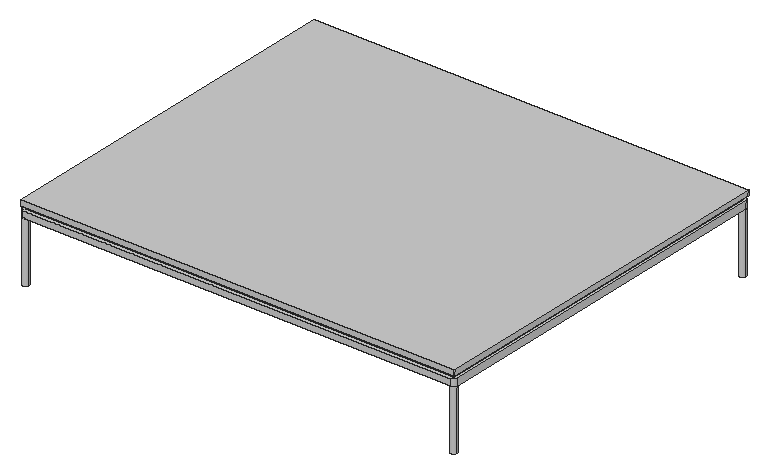
Revit family "Haworth_Mex-Hi_OccasionalTable", category Furniture, Revit 2018
Family settings
  OmniClass Number = 23.40.70.14.64.21
  OmniClass Title = Systems Furniture
  Work Plane-Based = No
  Always vertical = Yes
  Cut with Voids When Loaded = No
  Shared = No
  Room Calculation Point = No
Parameters (values of type "Large with Stone Top")
  Wood Tray = no
  Warranty = "http://www.haworth.com/resources/product-info/warranties"
  URL - Product = "https://www.haworth.com/na/en/products/lounge-sofas/ottomans/mex-hi-seating.html"
  URL = "https://www.haworth.com/na/en/about/brands/haworth-collection.html"
  Tray Width = 15.70"  # constant formula
  Tray Finish [instance] = Haworth _ Wood _ Undecided
  Tray Depth = Actual Depth  # 43.30"
  Top Offset = if(Small, 12.69", 8.89")  # 8.89"
  Table Finish [instance] = Haworth _ Marble _ Undecided
  Sustainability Info = "https://www.haworth.com/na/en/expertise/sustainability.html"
  Stone Top = yes
  Small = no
  Size = "Verify Final Dim. w/ Haworth"  # constant formula
  Revision Number = "1"  # constant formula
  Model = "HCCSMHTO"  # constant formula
  Manufacturer = "Haworth"  # constant formula
  Large w/Wood Tray = no
  Large = not(Small)  # yes
  Description = "Haworth - Cassina - Mex-Hi - Occasional Table"  # constant formula
  Base Finish [instance] = Haworth _ Paint _ Undecided _ Table
  Author = "Haworth (Abd Rahman)"  # constant formula
  Assembly Code = "E2020200"
  Actual Width = if(Small, 35.40", 51.20")  # 51.20"
  Actual Height = if(Small, 14.20", 8.70")  # 8.70"
  Actual Depth = if(Small, 15.70", 43.30")  # 43.30"
Reference planes (in)
  plane 1: z = 0
  plane 2 "Center L/R": x = -6.11989
  plane 3 "Center F/B": y = -11.5
  plane 4 "Top": z = 8.7
  plane 5 "Back": y = 10.15
  plane 6 "Front": y = -33.15
  plane 7 "Right": x = 19.48011
  plane 8 "Left": x = -31.71989
  plane 9: z = 8.29
  plane 10: z = 8.89
  plane 11: z = 8.24261
  plane 12: z = 11.9934
Dimensions and locks (in)
  equal spacing: plane 8 "Left", plane 2 "Center L/R", plane 7 "Right"
  "Actual Width": plane 8 "Left" to plane 7 "Right"
  equal spacing: plane 5 "Back", plane 3 "Center F/B", plane 6 "Front"
  "Actual Depth": plane 5 "Back" to plane 6 "Front"
  "Actual Height": plane 4 "Top" to plane 1
  locked: plane 10 to plane 9 at 0.6
  "Top Offset": plane 10 to level
  aligned and locked: plane 2 "Center L/R" to nested 2
  aligned and locked: plane 3 "Center F/B" to nested 2
  aligned and locked: nested 1 to plane 2 "Center L/R"
  aligned and locked: plane 3 "Center F/B" to nested 1
  aligned and locked: plane 3 "Center F/B" to nested 4
  aligned and locked: nested 4 to plane 2 "Center L/R"
  aligned and locked: nested 4 to plane 10
  aligned and locked: plane 3 "Center F/B" to nested 3
  aligned and locked: plane 2 "Center L/R" to nested 3
  aligned and locked: nested 5 to plane 3 "Center F/B"
  aligned and locked: nested 5 to plane 7 "Right"
  aligned and locked: nested 5 to nested 4
  aligned and locked: plane 11 to nested 1
  aligned and locked: nested 2 to plane 12
  aligned and locked: plane 12 to nested 3
Nested families (in)
  nested 1: "Haworth_Mex-Hi_Table_Frame-Large-PART" at (0, 0, 0), visible <- "Large", Frame Finish <- "Base Finish", type "Frame Large - PART"
    with Frame Finish Haworth _ Paint _ Undecided _ Table, Ottoman Base no
  nested 2: "Haworth_Mex-Hi_Table_Frame-Small-PART" at (0, 0, -0.00356), visible <- "Small", Frame Finish <- "Base Finish", type "Frame Small - PART"
    with Frame Finish Haworth _ Paint _ Undecided _ Table
  nested 3: "Haworth_Mex-Hi_Table_WoodTray-PART" at (0, 0, -0.00356), Tray Finish <- "Tray Finish", visible <- "Wood Tray", type "Wood Tray - PART"
    with Tray Finish Haworth _ Wood _ Undecided
  nested 4: "Haworth_Mex-Hi_Table_TableTop-PART" at (0, 0, -3.70697), visible <- "Stone Top", Table Finish <- "Table Finish", type "Table Top - PART"
    with Table Finish Haworth _ Marble _ Undecided, Actual Width 51.20", Actual Depth 43.30"
  nested 5: "Haworth_Mex-Hi_Table_WoodTray-PART" at (0.13011, -5.38011, -3.10696) x (0, 1, 0) z (0, 0, 1), visible <- "Large w/Wood Tray", Tray Finish <- "Tray Finish", type "Wood Tray - Vertical - PART"
    with Tray Finish Haworth _ Wood _ Undecided, Actual Width 43.30"
Definition of nested family "Haworth_Mex-Hi_Table_Frame-Large-PART"
  Parameters (values of type "Frame Large - PART")
    Warranty = "http://www.haworth.com/resources/product-info/warranties"
    URL - Product = "https://www.haworth.com/na/en/products/side-occasional/mex-hi-tables.html"
    URL = "https://www.haworth.com/na/en/about/brands/haworth-collection.html"
    Trim Finish = none
    Sustainability Info = "https://www.haworth.com/na/en/expertise/sustainability.html"
    Size = "Verify Final Dim. w/ Haworth"  # constant formula
    Revision Number = "1"  # constant formula
    Ottoman Base = yes
    Model = "Haworth - Cassina - Mex-Hi"  # constant formula
    Manufacturer = "Haworth"  # constant formula
    Frame Finish [instance] = none
    Description = "Haworth - Cassina - Mex-Hi - Frame Large - PART"  # constant formula
    Author = "Haworth (Abd Rahman)"  # constant formula
    Assembly Code = "E2020200"
    Actual Width = 51.20"  # constant formula
    Actual Height = 8.70"  # constant formula
    Actual Depth = 43.30"  # constant formula
  Reference planes (in)
    plane 1: z = 0
    plane 2 "Center L/R": x = -6.11989
    plane 3 "Center F/B": y = -11.5
    plane 4 "Top": z = 8.7
    plane 5 "Back": y = 10.15
    plane 6 "Front": y = -33.15
    plane 7 "Right": x = 19.48011
    plane 8 "Left": x = -31.71989
    plane 9: z = 11.99698
    plane 10: z = 12.59698
  Forms (in)
    Extrusion 1, solid, material <- "Frame Finish"
      sketch origin (0, 0, 0) x (1, 0, 0) y (0, 1, 0)
        loop
          arc (-31.31989, 10.15) -> (-31.60274, 10.03284) -> (-31.71989, 9.75) r 0.4
          line (-31.71989, 9.75) -> (-31.71989, -32.75)
          arc (-31.71989, -32.75) -> (-31.60274, -33.03284) -> (-31.31989, -33.15) r 0.4
          line (-31.31989, -33.15) -> (19.08011, -33.15)
          arc (19.08011, -33.15) -> (19.36295, -33.03284) -> (19.48011, -32.75) r 0.4
          line (19.48011, -32.75) -> (19.48011, 9.75)
          arc (19.48011, 9.75) -> (19.36295, 10.03284) -> (19.08011, 10.15) r 0.4
          line (19.08011, 10.15) -> (-31.31989, 10.15)
        loop
          arc (19.00773, -32.75677) -> (19.06346, -32.73369) -> (19.08654, -32.67796) r 0.07881
          line (19.08654, -32.67796) -> (19.08654, 9.67694)
          arc (19.08654, 9.67694) -> (19.06339, 9.73281) -> (19.00752, 9.75596) r 0.07902
          line (19.00752, 9.75596) -> (-31.24976, 9.75596)
          arc (-31.24976, 9.75596) -> (-31.3038, 9.73357) -> (-31.32619, 9.67953) r 0.07643
          line (-31.32619, 9.67953) -> (-31.32619, -32.67809)
          arc (-31.32619, -32.67809) -> (-31.30314, -32.73373) -> (-31.2475, -32.75677) r 0.07868
          line (-31.2475, -32.75677) -> (19.00773, -32.75677)
        loop
          line (-31.24745, -32.71746) -> (19.00864, -32.71746)
          arc (19.00864, -32.71746) -> (19.03592, -32.70616) -> (19.04723, -32.67887) r 0.03859
          line (19.04723, -32.67887) -> (19.04723, 9.67761)
          arc (19.04723, 9.67761) -> (19.03579, 9.70521) -> (19.00819, 9.71665) r 0.03904
          line (19.00819, 9.71665) -> (-31.24505, 9.71664)
          arc (-31.24505, 9.71664) -> (-31.27463, 9.70439) -> (-31.28688, 9.67482) r 0.04182
          line (-31.28688, 9.67482) -> (-31.28688, -32.67803)
          arc (-31.28688, -32.67803) -> (-31.27533, -32.70591) -> (-31.24745, -32.71746) r 0.03943
        loop
          arc (-30.6567, 9.16625) -> (-30.71312, 9.14289) -> (-30.73648, 9.08648) r 0.07978
          line (-30.73648, 9.08648) -> (-30.73648, -32.08618)
          arc (-30.73648, -32.08618) -> (-30.71279, -32.14338) -> (-30.65559, -32.16707) r 0.08089
          line (-30.65559, -32.16707) -> (18.41803, -32.16708)
          arc (18.41803, -32.16708) -> (18.47376, -32.14399) -> (18.49685, -32.08826) r 0.07882
          line (18.49685, -32.08826) -> (18.49684, 9.08625)
          arc (18.49684, 9.08625) -> (18.4734, 9.14282) -> (18.41684, 9.16625) r 0.08
          line (18.41684, 9.16625) -> (-30.6567, 9.16625)
      from 7.1193 to 7.90015
    Extrusion 2, solid, material <- "Frame Finish"
      sketch origin (0, 0, 0) x (1, 0, 0) y (0, 1, 0)
        loop
          line (-30.14502, -29.09392) -> (-30.14502, -30.28526) -> (17.90535, -30.28526) -> (17.90535, -29.09392) -> (-30.14502, -29.09392)
        loop
          line (-30.14502, -21.1517) -> (-30.14502, -22.34305) -> (17.90535, -22.34305) -> (17.90535, -21.1517) -> (-30.14502, -21.1517)
        loop
          line (-30.14502, -13.20751) -> (-30.14502, -14.39885) -> (17.90535, -14.39885) -> (17.90535, -13.20751) -> (-30.14502, -13.20751)
        loop
          line (-30.14502, 7.28446) -> (-30.14502, 6.09312) -> (17.90535, 6.09312) -> (17.90535, 7.28446) -> (-30.14502, 7.28446)
      from 7.18535 to 7.90015
    Extrusion 3, solid, material <- "Frame Finish"
      sketch origin (-31.71989, 0, 0) x (0, 1, 0) y (0, 0, 1)
        loop
          line (-30.51007, 6.31156) -> (7.50546, 6.31156) -> (8.57505, 6.97007) -> (8.57505, 7.89999) -> (7.28444, 7.10577) -> (-30.28526, 7.10578) -> (-31.57587, 7.9) -> (-31.57587, 6.96745) -> (-30.51007, 6.31156)
      from 25.00422 to 26.19555
    Extrusion 4, solid, material <- "Frame Finish"
      sketch origin (0, 0, 0) x (1, 0, 0) y (0, 1, 0)
        loop
          circle (19.08655, -32.75678) r 0.39086
        loop
          circle (-31.32634, -32.75678) r 0.39086
        loop
          circle (19.08655, 9.75678) r 0.39086
        loop
          circle (-31.32634, 9.75678) r 0.39086
      from 0 to 7.1193
    Extrusion 5, solid, material <- "Frame Finish"
      sketch origin (0, 0, 0) x (1, 0, 0) y (0, 1, 0)
        loop
          arc (-30.6567, 9.16625) -> (-30.71312, 9.14289) -> (-30.73648, 9.08648) r 0.07978
          line (-30.73648, 9.08648) -> (-30.73648, -32.08618)
          arc (-30.73648, -32.08618) -> (-30.71279, -32.14338) -> (-30.65559, -32.16707) r 0.08089
          line (-30.65559, -32.16707) -> (18.41803, -32.16708)
          arc (18.41803, -32.16708) -> (18.47376, -32.14399) -> (18.49685, -32.08826) r 0.07882
          line (18.49685, -32.08826) -> (18.49684, 9.08625)
          arc (18.49684, 9.08625) -> (18.4734, 9.14282) -> (18.41684, 9.16625) r 0.08
          line (18.41684, 9.16625) -> (-30.6567, 9.16625)
        loop
          line (-30.14501, 8.57505) -> (-30.14501, -31.57587) -> (17.90536, -31.57586) -> (17.90535, 8.57504) -> (-30.14501, 8.57505)
      from 7.1193 to 7.90015
    Extrusion 6, solid, material <- "Trim Finish"
      sketch origin (0, 0, 0) x (1, 0, 0) y (0, 1, 0)
        loop
          circle (15.6227, 6.68367) r 0.37215
      from 6.91262 to 7.11257
    Extrusion 7, solid, material <- "Trim Finish"
      sketch origin (0, 0, 0.98754) x (1, 0, 0) y (0, 1, 0)
        loop
          circle (15.6227, 6.68367) r 0.37215
      from 6.91262 to 7.11257
    Extrusion 8, solid, material <- "Trim Finish"
      sketch origin (0, 0, 0) x (1, 0, 0) y (0, 1, 0)
        loop
          circle (15.6227, 6.68367) r 0.15717
      from 6.72301 to 8.24231
    Extrusion 9, solid, material <- "Trim Finish"
      sketch origin (0, 0, 0) x (1, 0, 0) y (0, 1, 0)
        loop
          arc (14.99468, 6.09312) -> (15.6227, 6.23978) -> (16.25073, 6.09312) r 1.41798
          arc (16.25073, 6.09312) -> (16.27395, 6.09082) -> (16.29292, 6.10442) r 0.03309
          arc (16.29292, 6.10442) -> (16.38847, 6.24156) -> (16.45946, 6.39289) r 0.9848
          arc (16.45946, 6.39289) -> (16.45915, 6.41832) -> (16.44367, 6.4385) r 0.0403
          arc (16.44367, 6.4385) -> (16.0083, 6.9063) -> (15.82086, 7.51725) r 1.4265
          arc (15.82086, 7.51725) -> (15.81102, 7.54085) -> (15.78895, 7.55375) r 0.04024
          arc (15.78895, 7.55375) -> (15.6227, 7.57092) -> (15.45646, 7.55375) r 0.81353
          arc (15.45646, 7.55375) -> (15.43438, 7.54084) -> (15.42453, 7.51724) r 0.04026
          arc (15.42453, 7.51724) -> (15.24012, 6.90454) -> (14.80172, 6.43849) r 1.39588
          arc (14.80172, 6.43849) -> (14.78568, 6.41832) -> (14.78609, 6.39254) r 0.03826
          arc (14.78609, 6.39254) -> (14.85733, 6.24175) -> (14.9523, 6.10465) r 1.01541
          arc (14.9523, 6.10465) -> (14.97165, 6.09213) -> (14.99468, 6.09312) r 0.03795
      from 6.52714 to 6.91262
    Extrusion 10, solid, material <- "Trim Finish"
      sketch origin (-12.65385, 0, 0) x (-1, 0, 0) y (0, -1, 0)
        loop
          circle (15.6227, -6.68367) r 0.37215
      from 6.91262 to 7.11257
    Extrusion 11, solid, material <- "Trim Finish"
      sketch origin (-12.65385, 0, 0.98754) x (-1, 0, 0) y (0, -1, 0)
        loop
          circle (15.6227, -6.68367) r 0.37215
      from 6.91262 to 7.11257
    Extrusion 12, solid, material <- "Trim Finish"
      sketch origin (-12.65385, 0, 0) x (-1, 0, 0) y (0, -1, 0)
        loop
          circle (15.6227, -6.68367) r 0.15717
      from 6.72301 to 8.24231
    Extrusion 13, solid, material <- "Trim Finish"
      sketch origin (-12.65385, 0, 0) x (-1, 0, 0) y (0, -1, 0)
        loop
          arc (14.99468, -6.09312) -> (14.97165, -6.09213) -> (14.9523, -6.10465) r 0.03795
          arc (14.9523, -6.10465) -> (14.85733, -6.24175) -> (14.78609, -6.39254) r 1.01541
          arc (14.78609, -6.39254) -> (14.78568, -6.41832) -> (14.80172, -6.43849) r 0.03826
          arc (14.80172, -6.43849) -> (15.24012, -6.90454) -> (15.42453, -7.51724) r 1.39588
          arc (15.42453, -7.51724) -> (15.43438, -7.54084) -> (15.45646, -7.55375) r 0.04026
          arc (15.45646, -7.55375) -> (15.6227, -7.57092) -> (15.78895, -7.55375) r 0.81353
          arc (15.78895, -7.55375) -> (15.81102, -7.54085) -> (15.82086, -7.51725) r 0.04024
          arc (15.82086, -7.51725) -> (16.0083, -6.9063) -> (16.44367, -6.4385) r 1.4265
          arc (16.44367, -6.4385) -> (16.45915, -6.41832) -> (16.45946, -6.39289) r 0.0403
          arc (16.45946, -6.39289) -> (16.38847, -6.24156) -> (16.29292, -6.10442) r 0.9848
          arc (16.29292, -6.10442) -> (16.27395, -6.09082) -> (16.25073, -6.09312) r 0.03309
          arc (16.25073, -6.09312) -> (15.6227, -6.23978) -> (14.99468, -6.09312) r 1.41798
      from 6.52714 to 6.91262
    Extrusion 14, solid, material <- "Trim Finish"
      sketch origin (0, -36.37837, 0) x (1, 0, 0) y (0, 1, 0)
        loop
          circle (15.6227, 6.68367) r 0.37215
      from 6.91262 to 7.11257
    Extrusion 15, solid, material <- "Trim Finish"
      sketch origin (0, -36.37837, 0.98754) x (1, 0, 0) y (0, 1, 0)
        loop
          circle (15.6227, 6.68367) r 0.37215
      from 6.91262 to 7.11257
    Extrusion 16, solid, material <- "Trim Finish"
      sketch origin (0, -36.37837, 0) x (1, 0, 0) y (0, 1, 0)
        loop
          circle (15.6227, 6.68367) r 0.15717
      from 6.72301 to 8.24231
    Extrusion 17, solid, material <- "Trim Finish"
      sketch origin (0, -36.37837, 0) x (1, 0, 0) y (0, 1, 0)
        loop
          arc (14.99468, 6.09312) -> (15.6227, 6.23978) -> (16.25073, 6.09312) r 1.41798
          arc (16.25073, 6.09312) -> (16.27395, 6.09082) -> (16.29292, 6.10442) r 0.03309
          arc (16.29292, 6.10442) -> (16.38847, 6.24156) -> (16.45946, 6.39289) r 0.9848
          arc (16.45946, 6.39289) -> (16.45915, 6.41832) -> (16.44367, 6.4385) r 0.0403
          arc (16.44367, 6.4385) -> (16.0083, 6.9063) -> (15.82086, 7.51725) r 1.4265
          arc (15.82086, 7.51725) -> (15.81102, 7.54085) -> (15.78895, 7.55375) r 0.04024
          arc (15.78895, 7.55375) -> (15.6227, 7.57092) -> (15.45646, 7.55375) r 0.81353
          arc (15.45646, 7.55375) -> (15.43438, 7.54084) -> (15.42453, 7.51724) r 0.04026
          arc (15.42453, 7.51724) -> (15.24012, 6.90454) -> (14.80172, 6.43849) r 1.39588
          arc (14.80172, 6.43849) -> (14.78568, 6.41832) -> (14.78609, 6.39254) r 0.03826
          arc (14.78609, 6.39254) -> (14.85733, 6.24175) -> (14.9523, 6.10465) r 1.01541
          arc (14.9523, 6.10465) -> (14.97165, 6.09213) -> (14.99468, 6.09312) r 0.03795
      from 6.52714 to 6.91262
    Extrusion 18, solid, material <- "Trim Finish"
      sketch origin (-12.65385, -36.37837, 0) x (-1, 0, 0) y (0, -1, 0)
        loop
          circle (15.6227, -6.68367) r 0.37215
      from 6.91262 to 7.11257
    Extrusion 19, solid, material <- "Trim Finish"
      sketch origin (-12.65385, -36.37837, 0.98754) x (-1, 0, 0) y (0, -1, 0)
        loop
          circle (15.6227, -6.68367) r 0.37215
      from 6.91262 to 7.11257
    Extrusion 20, solid, material <- "Trim Finish"
      sketch origin (-12.65385, -36.37837, 0) x (-1, 0, 0) y (0, -1, 0)
        loop
          circle (15.6227, -6.68367) r 0.15717
      from 6.72301 to 8.24231
    Extrusion 21, solid, material <- "Trim Finish"
      sketch origin (-12.65385, -36.37837, 0) x (-1, 0, 0) y (0, -1, 0)
        loop
          arc (14.99468, -6.09312) -> (14.97165, -6.09213) -> (14.9523, -6.10465) r 0.03795
          arc (14.9523, -6.10465) -> (14.85733, -6.24175) -> (14.78609, -6.39254) r 1.01541
          arc (14.78609, -6.39254) -> (14.78568, -6.41832) -> (14.80172, -6.43849) r 0.03826
          arc (14.80172, -6.43849) -> (15.24012, -6.90454) -> (15.42453, -7.51724) r 1.39588
          arc (15.42453, -7.51724) -> (15.43438, -7.54084) -> (15.45646, -7.55375) r 0.04026
          arc (15.45646, -7.55375) -> (15.6227, -7.57092) -> (15.78895, -7.55375) r 0.81353
          arc (15.78895, -7.55375) -> (15.81102, -7.54085) -> (15.82086, -7.51725) r 0.04024
          arc (15.82086, -7.51725) -> (16.0083, -6.9063) -> (16.44367, -6.4385) r 1.4265
          arc (16.44367, -6.4385) -> (16.45915, -6.41832) -> (16.45946, -6.39289) r 0.0403
          arc (16.45946, -6.39289) -> (16.38847, -6.24156) -> (16.29292, -6.10442) r 0.9848
          arc (16.29292, -6.10442) -> (16.27395, -6.09082) -> (16.25073, -6.09312) r 0.03309
          arc (16.25073, -6.09312) -> (15.6227, -6.23978) -> (14.99468, -6.09312) r 1.41798
      from 6.52714 to 6.91262
    Extrusion 22, solid, material <- "Frame Finish"
      sketch origin (0, 0, 0) x (1, 0, 0) y (0, 1, 0)
        loop
          arc (-31.32619, -32.67809) -> (-31.30314, -32.73373) -> (-31.2475, -32.75677) r 0.07868
          line (-31.2475, -32.75677) -> (19.00773, -32.75677)
          arc (19.00773, -32.75677) -> (19.06346, -32.73369) -> (19.08654, -32.67796) r 0.07881
          line (19.08654, -32.67796) -> (19.08654, 9.67694)
          arc (19.08654, 9.67694) -> (19.06339, 9.73281) -> (19.00752, 9.75596) r 0.07902
          line (19.00752, 9.75596) -> (-31.24976, 9.75596)
          arc (-31.24976, 9.75596) -> (-31.3038, 9.73357) -> (-31.32619, 9.67953) r 0.07643
          line (-31.32619, 9.67953) -> (-31.32619, -32.67809)
      from 7.90015 to 8.24261
    Extrusion 23, solid, material <- "Trim Finish", visible <- "Ottoman Base"
      sketch origin (0, 0, 0) x (1, 0, 0) y (0, 1, 0)
        loop
          arc (7.11968, 6.09312) -> (7.7477, 6.23978) -> (8.37573, 6.09312) r 1.41798
          arc (8.37573, 6.09312) -> (8.39895, 6.09082) -> (8.41792, 6.10442) r 0.03309
          arc (8.41792, 6.10442) -> (8.51347, 6.24156) -> (8.58446, 6.39289) r 0.9848
          arc (8.58446, 6.39289) -> (8.58415, 6.41832) -> (8.56867, 6.4385) r 0.0403
          arc (8.56867, 6.4385) -> (8.1333, 6.9063) -> (7.94586, 7.51725) r 1.4265
          arc (7.94586, 7.51725) -> (7.93602, 7.54085) -> (7.91395, 7.55375) r 0.04024
          arc (7.91395, 7.55375) -> (7.7477, 7.57092) -> (7.58146, 7.55375) r 0.81353
          arc (7.58146, 7.55375) -> (7.55938, 7.54084) -> (7.54953, 7.51724) r 0.04026
          arc (7.54953, 7.51724) -> (7.36512, 6.90454) -> (6.92672, 6.43849) r 1.39588
          arc (6.92672, 6.43849) -> (6.91068, 6.41832) -> (6.91109, 6.39254) r 0.03826
          arc (6.91109, 6.39254) -> (6.98233, 6.24175) -> (7.0773, 6.10465) r 1.01541
          arc (7.0773, 6.10465) -> (7.09665, 6.09213) -> (7.11968, 6.09312) r 0.03795
        loop
          arc (-0.74822, 6.08348) -> (-0.1202, 6.23014) -> (0.50783, 6.08348) r 1.41798
          arc (0.50783, 6.08348) -> (0.53105, 6.08118) -> (0.55002, 6.09478) r 0.03309
          arc (0.55002, 6.09478) -> (0.64557, 6.23192) -> (0.71656, 6.38325) r 0.9848
          arc (0.71656, 6.38325) -> (0.71625, 6.40868) -> (0.70077, 6.42886) r 0.0403
          arc (0.70077, 6.42886) -> (0.2654, 6.89666) -> (0.07796, 7.50761) r 1.4265
          arc (0.07796, 7.50761) -> (0.06812, 7.53121) -> (0.04605, 7.54411) r 0.04024
          arc (0.04605, 7.54411) -> (-0.1202, 7.56128) -> (-0.28644, 7.54411) r 0.81353
          arc (-0.28644, 7.54411) -> (-0.30852, 7.5312) -> (-0.31837, 7.5076) r 0.04026
          arc (-0.31837, 7.5076) -> (-0.50278, 6.8949) -> (-0.94118, 6.42885) r 1.39588
          arc (-0.94118, 6.42885) -> (-0.95722, 6.40868) -> (-0.95681, 6.38291) r 0.03826
          arc (-0.95681, 6.38291) -> (-0.88557, 6.23211) -> (-0.7906, 6.09501) r 1.01541
          arc (-0.7906, 6.09501) -> (-0.77125, 6.08249) -> (-0.74822, 6.08348) r 0.03795
        loop
          arc (-0.74822, -30.2949) -> (-0.1202, -30.14824) -> (0.50783, -30.2949) r 1.41798
          arc (0.50783, -30.2949) -> (0.53105, -30.29719) -> (0.55002, -30.28359) r 0.03309
          arc (0.55002, -30.28359) -> (0.64557, -30.14645) -> (0.71656, -29.99513) r 0.9848
          arc (0.71656, -29.99513) -> (0.71625, -29.96969) -> (0.70077, -29.94951) r 0.0403
          arc (0.70077, -29.94951) -> (0.2654, -29.48171) -> (0.07796, -28.87077) r 1.4265
          arc (0.07796, -28.87077) -> (0.06812, -28.84717) -> (0.04605, -28.83426) r 0.04024
          arc (0.04605, -28.83426) -> (-0.1202, -28.81709) -> (-0.28644, -28.83426) r 0.81353
          arc (-0.28644, -28.83426) -> (-0.30852, -28.84717) -> (-0.31837, -28.87078) r 0.04026
          arc (-0.31837, -28.87078) -> (-0.50278, -29.48347) -> (-0.94118, -29.94952) r 1.39588
          arc (-0.94118, -29.94952) -> (-0.95722, -29.9697) -> (-0.95681, -29.99547) r 0.03826
          arc (-0.95681, -29.99547) -> (-0.88557, -30.14626) -> (-0.7906, -30.28336) r 1.01541
          arc (-0.7906, -30.28336) -> (-0.77125, -30.29588) -> (-0.74822, -30.2949) r 0.03795
        loop
          arc (7.12579, -30.2949) -> (7.75382, -30.14824) -> (8.38184, -30.2949) r 1.41798
          arc (8.38184, -30.2949) -> (8.40507, -30.29719) -> (8.42403, -30.28359) r 0.03309
          arc (8.42403, -30.28359) -> (8.51959, -30.14645) -> (8.59058, -29.99513) r 0.9848
          arc (8.59058, -29.99513) -> (8.59027, -29.96969) -> (8.57479, -29.94951) r 0.0403
          arc (8.57479, -29.94951) -> (8.13942, -29.48171) -> (7.95198, -28.87077) r 1.4265
          arc (7.95198, -28.87077) -> (7.94214, -28.84717) -> (7.92006, -28.83426) r 0.04024
          arc (7.92006, -28.83426) -> (7.75382, -28.81709) -> (7.58758, -28.83426) r 0.81353
          arc (7.58758, -28.83426) -> (7.56549, -28.84717) -> (7.55565, -28.87078) r 0.04026
          arc (7.55565, -28.87078) -> (7.37124, -29.48347) -> (6.93284, -29.94952) r 1.39588
          arc (6.93284, -29.94952) -> (6.9168, -29.9697) -> (6.9172, -29.99547) r 0.03826
          arc (6.9172, -29.99547) -> (6.98845, -30.14626) -> (7.08342, -30.28336) r 1.01541
          arc (7.08342, -30.28336) -> (7.10277, -30.29588) -> (7.12579, -30.2949) r 0.03795
      from 6.52714 to 6.91262
    Extrusion 24, solid, material <- "Trim Finish", visible <- "Ottoman Base"
      sketch origin (0, 0, 0) x (1, 0, 0) y (0, 1, 0)
        loop
          circle (7.75382, -29.70117) r 0.37249
        loop
          circle (-0.1202, -29.69865) r 0.37249
        loop
          circle (-0.1202, 6.67972) r 0.37249
        loop
          circle (7.75382, 6.67972) r 0.37249
      from 6.91262 to 7.1193
    Extrusion 25, solid, material <- "Trim Finish", visible <- "Ottoman Base"
      sketch origin (0, 0, 0.98753) x (1, 0, 0) y (0, 1, 0)
        loop
          circle (7.75382, -29.70117) r 0.37249
        loop
          circle (-0.1202, -29.69865) r 0.37249
        loop
          circle (-0.1202, 6.67972) r 0.37249
        loop
          circle (7.75382, 6.67972) r 0.37249
      from 6.91262 to 7.1193
    Extrusion 26, solid, material <- "Trim Finish", visible <- "Ottoman Base"
      sketch origin (0, 0, 0) x (1, 0, 0) y (0, 1, 0)
        loop
          circle (7.75382, 6.67721) r 0.15791
        loop
          circle (-0.12227, 6.67636) r 0.15791
        loop
          circle (-0.12227, -29.70251) r 0.15791
        loop
          circle (7.7543, -29.70251) r 0.15791
      from 6.72301 to 8.24261
  Cuts and joins
    joined: Extrusion 1, Extrusion 2, Extrusion 3
    joined: Extrusion 6, Extrusion 7, Extrusion 8
  Lines and regions (in)
    Masking region 1
      outline origin (0, 0, 0) x (1, 0, 0) y (0, 1, 0)
        loop
          line (-31.71989, 9.75) -> (-31.71989, -32.75)
          arc (-31.71989, -32.75) -> (-31.60274, -33.03284) -> (-31.31989, -33.15) r 0.4
          line (-31.31989, -33.15) -> (19.08011, -33.15)
          arc (19.08011, -33.15) -> (19.36295, -33.03284) -> (19.48011, -32.75) r 0.4
          line (19.48011, -32.75) -> (19.48011, 9.75)
          arc (19.48011, 9.75) -> (19.36295, 10.03284) -> (19.08011, 10.15) r 0.4
          line (19.08011, 10.15) -> (-31.31989, 10.15)
          arc (-31.31989, 10.15) -> (-31.60274, 10.03284) -> (-31.71989, 9.75) r 0.4
        loop
          arc (18.41803, -32.16708) -> (18.47376, -32.14399) -> (18.49685, -32.08826) r 0.07882
          line (18.49685, -32.08826) -> (18.49684, 9.08625)
          arc (18.49684, 9.08625) -> (18.4734, 9.14282) -> (18.41684, 9.16625) r 0.08
          line (18.41684, 9.16625) -> (-30.6567, 9.16625)
          arc (-30.6567, 9.16625) -> (-30.71312, 9.14289) -> (-30.73648, 9.08648) r 0.07978
          line (-30.73648, 9.08648) -> (-30.73648, -32.08618)
          arc (-30.73648, -32.08618) -> (-30.71279, -32.14338) -> (-30.65559, -32.16707) r 0.08089
          line (-30.65559, -32.16707) -> (18.41803, -32.16708)
        loop
          line (-30.14501, -31.57587) -> (17.90536, -31.57586) -> (17.90535, 8.57504) -> (-30.14501, 8.57505) -> (-30.14501, -31.57587)
    symbolic lines
      curve 1: line (-30.14502, 7.28446, 0) -> (17.90535, 7.28446, 0)
      curve 2: line (-30.14502, 6.09312, 0) -> (-30.14502, 7.28446, 0)
      curve 3: line (17.90535, 6.09312, 0) -> (-30.14502, 6.09312, 0)
      curve 4: line (17.90535, 7.28446, 0) -> (17.90535, 6.09312, 0)
      curve 5: line (-30.14502, -13.20751, 0) -> (17.90535, -13.20751, 0)
      curve 6: line (-30.14502, -14.39885, 0) -> (-30.14502, -13.20751, 0)
      curve 7: line (17.90535, -14.39885, 0) -> (-30.14502, -14.39885, 0)
      curve 8: line (17.90535, -13.20751, 0) -> (17.90535, -14.39885, 0)
      curve 9: line (17.90535, -22.34305, 0) -> (-30.14502, -22.34305, 0)
      curve 10: line (17.90535, -21.1517, 0) -> (17.90535, -22.34305, 0)
      curve 11: line (-30.14502, -21.1517, 0) -> (17.90535, -21.1517, 0)
      curve 12: line (-30.14502, -22.34305, 0) -> (-30.14502, -21.1517, 0)
      curve 13: line (17.90535, -30.28526, 0) -> (-30.14502, -30.28526, 0)
      curve 14: line (17.90535, -29.09392, 0) -> (17.90535, -30.28526, 0)
      curve 15: line (-30.14502, -29.09392, 0) -> (17.90535, -29.09392, 0)
      curve 16: line (-30.14502, -30.28526, 0) -> (-30.14502, -29.09392, 0)
      curve 17: line (-5.52434, -31.57587, 0) -> (-6.71568, -31.57587, 0)
      curve 18: line (-5.52434, 8.57505, 0) -> (-5.52434, -31.57587, 0)
      curve 19: line (-6.71568, 8.57505, 0) -> (-5.52434, 8.57505, 0)
      curve 20: line (-6.71568, -31.57587, 0) -> (-6.71568, 8.57505, 0)
  Dimensions and locks (in)
    equal spacing: plane 8 "Left", plane 2 "Center L/R", plane 7 "Right"
    "Actual Width": plane 8 "Left" to plane 7 "Right"
    equal spacing: plane 5 "Back", plane 3 "Center F/B", plane 6 "Front"
    "Actual Depth": plane 5 "Back" to plane 6 "Front"
    "Actual Height": plane 4 "Top" to plane 1
    plane 9 to level = 11.99696"
    locked: plane 10 to plane 9 at 0.6
    aligned and locked: Extrusion 22 to cut or joined group of Extrusion 1, Extrusion 2, Extrusion 3
  Automatic sketch dimensions
    plane 8 "Left" to curve 1 = 1.57488"
    plane 8 "Left" to curve 16 = 1.57488"
    plane 8 "Left" to curve 5 = 1.57488"
    plane 8 "Left" to curve 12 = 1.57488"
    curve 20 to plane 2 "Center L/R" = 0.59578"
    plane 2 "Center L/R" to curve 19 = 0.59555"
    curve 13 to plane 7 "Right" = 1.57476"
    curve 4 to plane 7 "Right" = 1.57476"
    curve 10 to plane 7 "Right" = 1.57476"
    curve 5 to plane 7 "Right" = 1.57476"
    plane 6 "Front" to curve 20 = 1.57413"
    plane 6 "Front" to curve 13 = 2.86474"
    curve 13 to curve 14 = 1.19134"
    curve 15 to curve 12 = 6.75087"
    curve 9 to curve 11 = 1.19134"
    plane 3 "Center F/B" to curve 8 = 2.89885"
    curve 6 to curve 6 = 1.19134"
    curve 3 to plane 5 "Back" = 4.05688"
    curve 2 to curve 2 = 1.19134"
    curve 19 to plane 5 "Back" = 1.57495"
    Extrusion 1 sketch curve to plane 8 "Left" = 0.00"
    Extrusion 1 sketch curve to plane 5 "Back" = 0.00"
    Extrusion 1 sketch curve to plane 6 "Front" = 0.00"
    Extrusion 1 sketch curve to plane 7 "Right" = 0.00"
    plane 8 "Left" to Extrusion 1 sketch curve = 0.39371"
    plane 8 "Left" to Extrusion 1 sketch curve = 0.40"
    Extrusion 1 sketch curve to Extrusion 1 sketch curve = 0.00629"
    Extrusion 1 sketch curve to Extrusion 1 sketch curve = 0.03931"  (x3)
    Extrusion 1 sketch curve to Extrusion 1 sketch curve = 0.07014"
    Extrusion 1 sketch curve to Extrusion 1 sketch curve = 0.03937"
    Extrusion 1 sketch curve to Extrusion 1 sketch curve = 0.00005"
    Extrusion 1 sketch curve to Extrusion 1 sketch curve = 0.0047"  (x2)
    Extrusion 1 sketch curve to Extrusion 1 sketch curve = 0.51097"
    Extrusion 1 sketch curve to Extrusion 1 sketch curve = 0.07978"
    Extrusion 1 sketch curve to Extrusion 1 sketch curve = 0.08089"  (x2)
    Extrusion 1 sketch curve to plane 7 "Right" = 1.06327"
    Extrusion 1 sketch curve to plane 7 "Right" = 1.06208"
    Extrusion 1 sketch curve to Extrusion 1 sketch curve = 0.08"
    Extrusion 1 sketch curve to Extrusion 1 sketch curve = 0.07882"
    Extrusion 1 sketch curve to plane 7 "Right" = 0.47259"
    Extrusion 1 sketch curve to plane 7 "Right" = 0.47238"
    Extrusion 1 sketch curve to Extrusion 1 sketch curve = 0.00067"  (x2)
    Extrusion 1 sketch curve to Extrusion 1 sketch curve = 0.00091"
    Extrusion 1 sketch curve to Extrusion 1 sketch curve = 0.03859"
    Extrusion 1 sketch curve to Extrusion 1 sketch curve = 0.07238"
    Extrusion 1 sketch curve to plane 7 "Right" = 0.40"
    Extrusion 1 sketch curve to Extrusion 1 sketch curve = 0.00677"
    Extrusion 1 sketch curve to Extrusion 1 sketch curve = 0.51089"
    Extrusion 1 sketch curve to Extrusion 1 sketch curve = 0.51096"
    Extrusion 1 sketch curve to Extrusion 1 sketch curve = 0.00"  (x2)
    Extrusion 1 sketch curve to Extrusion 1 sketch curve = 0.66375"
    Extrusion 1 sketch curve to Extrusion 1 sketch curve = 0.07518"
    Extrusion 1 sketch curve to Extrusion 1 sketch curve = 0.07306"
    plane 8 "Left" to Extrusion 2 sketch curve = 1.57488"  (x4)
    Extrusion 2 sketch curve to plane 7 "Right" = 1.57476"  (x4)
    plane 6 "Front" to Extrusion 2 sketch curve = 2.86474"
    Extrusion 2 sketch curve to Extrusion 2 sketch curve = 1.19134"  (x4)
    Extrusion 2 sketch curve to Extrusion 2 sketch curve = 6.75087"
    plane 3 "Center F/B" to Extrusion 2 sketch curve = 2.89885"
    Extrusion 2 sketch curve to plane 5 "Back" = 4.05688"
    plane 6 "Front" to Extrusion 3 sketch curve = 1.57413"
    Extrusion 3 sketch curve to Extrusion 3 sketch curve = 1.06581"
    Extrusion 3 sketch curve to Extrusion 3 sketch curve = 0.22481"
    Extrusion 3 sketch curve to plane 5 "Back" = 2.86556"
    Extrusion 3 sketch curve to Extrusion 3 sketch curve = 0.22102"
    Extrusion 3 sketch curve to Extrusion 3 sketch curve = 1.29061"
    Extrusion 3 sketch curve to plane 4 "Top" = 2.38844"  (x2)
    Extrusion 3 sketch curve to Extrusion 3 sketch curve = 0.65588"
    Extrusion 3 sketch curve to Extrusion 3 sketch curve = 0.65851"
    Extrusion 3 sketch curve to Extrusion 3 sketch curve = 0.79421"  (x2)
    Extrusion 3 sketch curve to plane 4 "Top" = 0.80001"
    Extrusion 3 sketch curve to plane 4 "Top" = 0.80"
    plane 8 "Left" to Extrusion 4 sketch curve = 0.39356"  (x2)
    Extrusion 4 sketch curve to plane 7 "Right" = 0.39356"  (x2)
    plane 6 "Front" to Extrusion 4 sketch curve = 0.39322"  (x2)
    Extrusion 4 sketch curve to plane 5 "Back" = 0.39322"  (x2)
    plane 8 "Left" to Extrusion 5 sketch curve = 0.98341"
    Extrusion 5 sketch curve to Extrusion 5 sketch curve = 0.07978"
    Extrusion 5 sketch curve to Extrusion 5 sketch curve = 0.08089"
    Extrusion 5 sketch curve to Extrusion 5 sketch curve = 0.00"  (x4)
    Extrusion 5 sketch curve to Extrusion 5 sketch curve = 0.51059"
    Extrusion 5 sketch curve to plane 7 "Right" = 1.57476"
    Extrusion 5 sketch curve to plane 7 "Right" = 1.57475"
    Extrusion 5 sketch curve to Extrusion 5 sketch curve = 0.51149"
    Extrusion 5 sketch curve to Extrusion 5 sketch curve = 0.51267"
    Extrusion 5 sketch curve to Extrusion 5 sketch curve = 0.08"
    Extrusion 5 sketch curve to Extrusion 5 sketch curve = 0.07882"
    plane 6 "Front" to Extrusion 5 sketch curve = 0.98292"
    plane 6 "Front" to Extrusion 5 sketch curve = 0.98293"
    Extrusion 5 sketch curve to Extrusion 5 sketch curve = 0.5103"
    Extrusion 5 sketch curve to Extrusion 5 sketch curve = 0.5124"
    Extrusion 5 sketch curve to plane 5 "Back" = 1.57496"
    Extrusion 5 sketch curve to plane 5 "Back" = 1.57495"
    Extrusion 5 sketch curve to Extrusion 5 sketch curve = 0.51121"
    Extrusion 6 sketch curve to plane 7 "Right" = 3.85741"
    Extrusion 6 sketch curve to plane 5 "Back" = 3.46633"
    Extrusion 7 sketch curve to plane 7 "Right" = 3.85741"
    Extrusion 7 sketch curve to plane 5 "Back" = 3.46633"
    Extrusion 8 sketch curve to plane 7 "Right" = 3.85741"
    Extrusion 8 sketch curve to plane 5 "Back" = 3.46633"
    Extrusion 9 sketch curve to plane 5 "Back" = 2.54752"
    Extrusion 9 sketch curve to plane 7 "Right" = 5.44885"
    Extrusion 9 sketch curve to Extrusion 9 sketch curve = 0.79065"
    Extrusion 9 sketch curve to Extrusion 9 sketch curve = 0.15971"
    Extrusion 9 sketch curve to Extrusion 9 sketch curve = 0.64278"
    Extrusion 9 sketch curve to Extrusion 9 sketch curve = 0.07093"
    Extrusion 9 sketch curve to Extrusion 9 sketch curve = 0.08709"
    Extrusion 9 sketch curve to Extrusion 9 sketch curve = 0.64108"
    Extrusion 9 sketch curve to Extrusion 9 sketch curve = 0.114"
    Extrusion 9 sketch curve to Extrusion 9 sketch curve = 0.31603"
    Extrusion 9 sketch curve to Extrusion 9 sketch curve = 0.52868"
    Extrusion 9 sketch curve to Extrusion 9 sketch curve = 0.15569"
    Extrusion 9 sketch curve to Extrusion 9 sketch curve = 1.46296"
    Extrusion 9 sketch curve to Extrusion 9 sketch curve = 0.08812"
    Extrusion 9 sketch curve to Extrusion 9 sketch curve = 0.00002"
    Extrusion 9 sketch curve to Extrusion 9 sketch curve = 0.75695"
    Extrusion 9 sketch curve to Extrusion 9 sketch curve = 0.00794"
    Extrusion 9 sketch curve to Extrusion 9 sketch curve = 0.02344"
    Extrusion 9 sketch curve to Extrusion 9 sketch curve = 0.32797"
    Extrusion 9 sketch curve to Extrusion 9 sketch curve = 0.34432"
    Extrusion 9 sketch curve to Extrusion 9 sketch curve = 0.27724"
    Extrusion 9 sketch curve to Extrusion 9 sketch curve = 0.28235"
    Extrusion 9 sketch curve to Extrusion 9 sketch curve = 1.30099"
    Extrusion 9 sketch curve to Extrusion 9 sketch curve = 0.10519"
    Extrusion 9 sketch curve to Extrusion 9 sketch curve = 0.03582"
    Extrusion 9 sketch curve to Extrusion 9 sketch curve = 0.00"  (x7)
    Extrusion 9 sketch curve to Extrusion 9 sketch curve = 0.02019"
    Extrusion 9 sketch curve to Extrusion 9 sketch curve = 0.01306"
    Extrusion 9 sketch curve to Extrusion 9 sketch curve = 0.04016"
    Extrusion 9 sketch curve to Extrusion 9 sketch curve = 0.02753"
    Extrusion 10 sketch curve to plane 8 "Left" = 3.44335"
    plane 5 "Back" to Extrusion 10 sketch curve = 3.46633"
    plane 8 "Left" to Extrusion 11 sketch curve = 3.44335"
    Extrusion 11 sketch curve to plane 5 "Back" = 3.46633"
    Extrusion 12 sketch curve to plane 8 "Left" = 3.44335"
    plane 5 "Back" to Extrusion 12 sketch curve = 3.46633"
    Extrusion 13 sketch curve to plane 8 "Left" = 5.03478"
    Extrusion 13 sketch curve to Extrusion 13 sketch curve = 0.79065"
    Extrusion 13 sketch curve to Extrusion 13 sketch curve = 0.15971"
    Extrusion 13 sketch curve to Extrusion 13 sketch curve = 0.64278"
    Extrusion 13 sketch curve to Extrusion 13 sketch curve = 0.07093"
    Extrusion 13 sketch curve to Extrusion 13 sketch curve = 0.08709"
    Extrusion 13 sketch curve to Extrusion 13 sketch curve = 0.64108"
    Extrusion 13 sketch curve to Extrusion 13 sketch curve = 0.114"
    Extrusion 13 sketch curve to Extrusion 13 sketch curve = 0.31603"
    Extrusion 13 sketch curve to Extrusion 13 sketch curve = 0.52868"
    Extrusion 13 sketch curve to Extrusion 13 sketch curve = 0.15569"
    Extrusion 13 sketch curve to Extrusion 13 sketch curve = 1.46296"
    plane 5 "Back" to Extrusion 13 sketch curve = 5.3282"
    Extrusion 13 sketch curve to Extrusion 13 sketch curve = 1.30099"
    Extrusion 13 sketch curve to Extrusion 13 sketch curve = 0.00596"
    Extrusion 13 sketch curve to Extrusion 13 sketch curve = 0.28235"
    Extrusion 13 sketch curve to Extrusion 13 sketch curve = 0.27724"
    Extrusion 13 sketch curve to Extrusion 13 sketch curve = 0.32797"
    Extrusion 13 sketch curve to Extrusion 13 sketch curve = 0.0155"
    Extrusion 13 sketch curve to Extrusion 13 sketch curve = 0.02344"
    Extrusion 13 sketch curve to Extrusion 13 sketch curve = 0.75695"
    Extrusion 13 sketch curve to Extrusion 13 sketch curve = 0.00002"
    Extrusion 13 sketch curve to Extrusion 13 sketch curve = 1.19649"
    Extrusion 13 sketch curve to Extrusion 13 sketch curve = 0.10519"
    Extrusion 13 sketch curve to Extrusion 13 sketch curve = 0.03582"
    Extrusion 13 sketch curve to Extrusion 13 sketch curve = 0.00"  (x7)
    Extrusion 13 sketch curve to Extrusion 13 sketch curve = 0.02019"
    Extrusion 13 sketch curve to Extrusion 13 sketch curve = 0.01306"
    Extrusion 13 sketch curve to Extrusion 13 sketch curve = 0.04016"
    Extrusion 13 sketch curve to Extrusion 13 sketch curve = 0.02753"
    Extrusion 14 sketch curve to plane 7 "Right" = 3.85741"
    plane 6 "Front" to Extrusion 14 sketch curve = 3.45529"
    Extrusion 15 sketch curve to plane 7 "Right" = 3.85741"
    plane 6 "Front" to Extrusion 15 sketch curve = 3.45529"
    Extrusion 16 sketch curve to plane 7 "Right" = 3.85741"
    plane 6 "Front" to Extrusion 16 sketch curve = 3.45529"
    Extrusion 17 sketch curve to plane 7 "Right" = 5.44885"
    Extrusion 17 sketch curve to Extrusion 17 sketch curve = 0.79065"
    Extrusion 17 sketch curve to Extrusion 17 sketch curve = 0.15971"
    Extrusion 17 sketch curve to Extrusion 17 sketch curve = 0.64278"
    Extrusion 17 sketch curve to Extrusion 17 sketch curve = 0.07093"
    Extrusion 17 sketch curve to Extrusion 17 sketch curve = 0.08709"
    Extrusion 17 sketch curve to Extrusion 17 sketch curve = 0.64108"
    Extrusion 17 sketch curve to Extrusion 17 sketch curve = 0.114"
    Extrusion 17 sketch curve to Extrusion 17 sketch curve = 0.31603"
    Extrusion 17 sketch curve to Extrusion 17 sketch curve = 0.52868"
    Extrusion 17 sketch curve to Extrusion 17 sketch curve = 0.15569"
    Extrusion 17 sketch curve to Extrusion 17 sketch curve = 1.46296"
    plane 6 "Front" to Extrusion 17 sketch curve = 1.59342"
    Extrusion 17 sketch curve to Extrusion 17 sketch curve = 1.30099"
    Extrusion 17 sketch curve to Extrusion 17 sketch curve = 0.00596"
    Extrusion 17 sketch curve to Extrusion 17 sketch curve = 0.28235"
    Extrusion 17 sketch curve to Extrusion 17 sketch curve = 0.27724"
    Extrusion 17 sketch curve to Extrusion 17 sketch curve = 0.32797"
    Extrusion 17 sketch curve to Extrusion 17 sketch curve = 0.0155"
    Extrusion 17 sketch curve to Extrusion 17 sketch curve = 0.02344"
    Extrusion 17 sketch curve to Extrusion 17 sketch curve = 0.75695"
    Extrusion 17 sketch curve to Extrusion 17 sketch curve = 0.00002"
    Extrusion 17 sketch curve to Extrusion 17 sketch curve = 1.19649"
    Extrusion 17 sketch curve to Extrusion 17 sketch curve = 0.10519"
    Extrusion 17 sketch curve to Extrusion 17 sketch curve = 0.03582"
    Extrusion 17 sketch curve to Extrusion 17 sketch curve = 0.00"  (x7)
    Extrusion 17 sketch curve to Extrusion 17 sketch curve = 0.02019"
    Extrusion 17 sketch curve to Extrusion 17 sketch curve = 0.01306"
    Extrusion 17 sketch curve to Extrusion 17 sketch curve = 0.04016"
    Extrusion 17 sketch curve to Extrusion 17 sketch curve = 0.02753"
    Extrusion 18 sketch curve to plane 8 "Left" = 3.44335"
    Extrusion 18 sketch curve to plane 6 "Front" = 3.45529"
    plane 8 "Left" to Extrusion 19 sketch curve = 3.44335"
    plane 6 "Front" to Extrusion 19 sketch curve = 3.45529"
    Extrusion 20 sketch curve to plane 8 "Left" = 3.44335"
    Extrusion 20 sketch curve to plane 6 "Front" = 3.45529"
    Extrusion 21 sketch curve to plane 8 "Left" = 5.03478"
    Extrusion 21 sketch curve to Extrusion 21 sketch curve = 0.79065"
    Extrusion 21 sketch curve to Extrusion 21 sketch curve = 0.15971"
    Extrusion 21 sketch curve to Extrusion 21 sketch curve = 0.64278"
    Extrusion 21 sketch curve to Extrusion 21 sketch curve = 0.07093"
    Extrusion 21 sketch curve to Extrusion 21 sketch curve = 0.08709"
    Extrusion 21 sketch curve to Extrusion 21 sketch curve = 0.64108"
    Extrusion 21 sketch curve to Extrusion 21 sketch curve = 0.114"
    Extrusion 21 sketch curve to Extrusion 21 sketch curve = 0.31603"
    Extrusion 21 sketch curve to Extrusion 21 sketch curve = 0.52868"
    Extrusion 21 sketch curve to Extrusion 21 sketch curve = 0.15569"
    Extrusion 21 sketch curve to Extrusion 21 sketch curve = 1.46296"
    Extrusion 21 sketch curve to plane 6 "Front" = 1.59342"
    Extrusion 21 sketch curve to Extrusion 21 sketch curve = 1.30099"
    Extrusion 21 sketch curve to Extrusion 21 sketch curve = 0.00596"
    Extrusion 21 sketch curve to Extrusion 21 sketch curve = 0.28235"
    Extrusion 21 sketch curve to Extrusion 21 sketch curve = 0.27724"
    Extrusion 21 sketch curve to Extrusion 21 sketch curve = 0.32797"
    Extrusion 21 sketch curve to Extrusion 21 sketch curve = 0.0155"
    Extrusion 21 sketch curve to Extrusion 21 sketch curve = 0.02344"
    Extrusion 21 sketch curve to Extrusion 21 sketch curve = 0.75695"
    Extrusion 21 sketch curve to Extrusion 21 sketch curve = 0.00002"
    Extrusion 21 sketch curve to Extrusion 21 sketch curve = 1.19649"
    Extrusion 21 sketch curve to Extrusion 21 sketch curve = 0.10519"
    Extrusion 21 sketch curve to Extrusion 21 sketch curve = 0.03582"
    Extrusion 21 sketch curve to Extrusion 21 sketch curve = 0.00"  (x7)
    Extrusion 21 sketch curve to Extrusion 21 sketch curve = 0.02019"
    Extrusion 21 sketch curve to Extrusion 21 sketch curve = 0.01306"
    Extrusion 21 sketch curve to Extrusion 21 sketch curve = 0.04016"
    Extrusion 21 sketch curve to Extrusion 21 sketch curve = 0.02753"
    Masking region 1 sketch curve to plane 8 "Left" = 0.00"
    Masking region 1 sketch curve to plane 6 "Front" = 0.00"
    Masking region 1 sketch curve to plane 5 "Back" = 0.00"
    Masking region 1 sketch curve to plane 7 "Right" = 0.00"
    plane 8 "Left" to Masking region 1 sketch curve = 0.40"  (x2)
    Masking region 1 sketch curve to Masking region 1 sketch curve = 0.58341"
    Masking region 1 sketch curve to Masking region 1 sketch curve = 0.07978"
    Masking region 1 sketch curve to Masking region 1 sketch curve = 0.08089"  (x2)
    Masking region 1 sketch curve to Masking region 1 sketch curve = 0.5117"
    Masking region 1 sketch curve to plane 7 "Right" = 1.57476"
    Masking region 1 sketch curve to plane 7 "Right" = 1.57475"
    Masking region 1 sketch curve to Masking region 1 sketch curve = 0.51149"
    Masking region 1 sketch curve to Masking region 1 sketch curve = 0.51267"
    Masking region 1 sketch curve to Masking region 1 sketch curve = 0.00"  (x3)
    Masking region 1 sketch curve to Masking region 1 sketch curve = 0.08"
    Masking region 1 sketch curve to Masking region 1 sketch curve = 0.07882"
    Masking region 1 sketch curve to plane 7 "Right" = 0.40"
    Masking region 1 sketch curve to Masking region 1 sketch curve = 0.40"
    Masking region 1 sketch curve to Masking region 1 sketch curve = 0.58292"
    Masking region 1 sketch curve to Masking region 1 sketch curve = 0.58293"
    Masking region 1 sketch curve to Masking region 1 sketch curve = 0.5103"
    Masking region 1 sketch curve to Masking region 1 sketch curve = 0.5124"
    Masking region 1 sketch curve to plane 5 "Back" = 1.57496"
    Masking region 1 sketch curve to plane 5 "Back" = 1.57495"
    Masking region 1 sketch curve to Masking region 1 sketch curve = 0.51121"
    plane 8 "Left" to Extrusion 22 sketch curve = 0.39371"
    Extrusion 22 sketch curve to Extrusion 22 sketch curve = 0.07643"
    Extrusion 22 sketch curve to Extrusion 22 sketch curve = 0.07868"
    Extrusion 22 sketch curve to plane 7 "Right" = 0.47259"
    Extrusion 22 sketch curve to plane 7 "Right" = 0.47238"
    Extrusion 22 sketch curve to Extrusion 22 sketch curve = 0.07881"
    plane 6 "Front" to Extrusion 22 sketch curve = 0.39323"
    Extrusion 22 sketch curve to plane 5 "Back" = 0.47306"
    plane 2 "Center L/R" to Extrusion 23 sketch curve = 4.40825"  (x2)
    Extrusion 23 sketch curve to Extrusion 23 sketch curve = 0.79065"  (x4)
    Extrusion 23 sketch curve to Extrusion 23 sketch curve = 0.15971"  (x4)
    Extrusion 23 sketch curve to Extrusion 23 sketch curve = 0.64278"  (x4)
    Extrusion 23 sketch curve to Extrusion 23 sketch curve = 0.07093"  (x4)
    Extrusion 23 sketch curve to Extrusion 23 sketch curve = 0.64108"  (x4)
    Extrusion 23 sketch curve to Extrusion 23 sketch curve = 0.08709"  (x4)
    Extrusion 23 sketch curve to Extrusion 23 sketch curve = 0.114"  (x4)
    Extrusion 23 sketch curve to Extrusion 23 sketch curve = 0.31603"  (x4)
    Extrusion 23 sketch curve to Extrusion 23 sketch curve = 0.52868"  (x4)
    Extrusion 23 sketch curve to Extrusion 23 sketch curve = 0.15569"  (x4)
    Extrusion 23 sketch curve to Extrusion 23 sketch curve = 1.46296"  (x4)
    Extrusion 23 sketch curve to Extrusion 23 sketch curve = 4.65547"
    Extrusion 23 sketch curve to Extrusion 23 sketch curve = 4.66159"
    plane 6 "Front" to Extrusion 23 sketch curve = 1.58378"  (x2)
    Extrusion 23 sketch curve to Extrusion 23 sketch curve = 1.30099"  (x4)
    Extrusion 23 sketch curve to Extrusion 23 sketch curve = 0.00596"  (x4)
    Extrusion 23 sketch curve to Extrusion 23 sketch curve = 0.28235"  (x4)
    Extrusion 23 sketch curve to Extrusion 23 sketch curve = 0.27724"  (x4)
    Extrusion 23 sketch curve to Extrusion 23 sketch curve = 0.32797"  (x4)
    Extrusion 23 sketch curve to Extrusion 23 sketch curve = 0.0155"  (x4)
    Extrusion 23 sketch curve to Extrusion 23 sketch curve = 0.02344"  (x4)
    Extrusion 23 sketch curve to Extrusion 23 sketch curve = 0.75695"  (x4)
    Extrusion 23 sketch curve to Extrusion 23 sketch curve = 0.00002"  (x4)
    Extrusion 23 sketch curve to Extrusion 23 sketch curve = 1.19649"  (x4)
    Extrusion 23 sketch curve to Extrusion 23 sketch curve = 0.10519"  (x4)
    Extrusion 23 sketch curve to plane 5 "Back" = 5.33784"
    Extrusion 23 sketch curve to plane 5 "Back" = 5.3282"
    Extrusion 23 sketch curve to Extrusion 23 sketch curve = 0.03582"  (x4)
    Extrusion 23 sketch curve to Extrusion 23 sketch curve = 0.00"  (x28)
    Extrusion 23 sketch curve to Extrusion 23 sketch curve = 0.02019"  (x4)
    Extrusion 23 sketch curve to Extrusion 23 sketch curve = 0.01306"  (x4)
    Extrusion 23 sketch curve to Extrusion 23 sketch curve = 0.04016"  (x4)
    Extrusion 23 sketch curve to Extrusion 23 sketch curve = 0.02753"  (x4)
    plane 2 "Center L/R" to Extrusion 24 sketch curve = 5.9997"  (x2)
    Extrusion 24 sketch curve to plane 5 "Back" = 3.47028"  (x2)
    Extrusion 24 sketch curve to Extrusion 24 sketch curve = 7.87402"  (x2)
    plane 6 "Front" to Extrusion 24 sketch curve = 3.44883"
    plane 6 "Front" to Extrusion 24 sketch curve = 3.45135"
    plane 2 "Center L/R" to Extrusion 25 sketch curve = 5.9997"  (x2)
    Extrusion 25 sketch curve to plane 5 "Back" = 3.47028"  (x2)
    Extrusion 25 sketch curve to Extrusion 25 sketch curve = 7.87402"  (x2)
    plane 6 "Front" to Extrusion 25 sketch curve = 3.44883"
    plane 6 "Front" to Extrusion 25 sketch curve = 3.45135"
    plane 2 "Center L/R" to Extrusion 26 sketch curve = 5.99763"  (x2)
    plane 6 "Front" to Extrusion 26 sketch curve = 3.44749"  (x2)
    Extrusion 26 sketch curve to Extrusion 26 sketch curve = 7.87657"
    Extrusion 26 sketch curve to plane 5 "Back" = 3.47279"
    Extrusion 26 sketch curve to Extrusion 26 sketch curve = 7.87608"
    Extrusion 26 sketch curve to plane 5 "Back" = 3.47364"
    radius of Extrusion 4 sketch curve = 0.39086"  (x4)
    radius of Extrusion 6 sketch curve = 0.37215"
    radius of Extrusion 7 sketch curve = 0.37215"
    radius of Extrusion 8 sketch curve = 0.15717"
    radius of Extrusion 10 sketch curve = 0.37215"
    radius of Extrusion 11 sketch curve = 0.37215"
    radius of Extrusion 12 sketch curve = 0.15717"
    radius of Extrusion 14 sketch curve = 0.37215"
    radius of Extrusion 15 sketch curve = 0.37215"
    radius of Extrusion 16 sketch curve = 0.15717"
    radius of Extrusion 18 sketch curve = 0.37215"
    radius of Extrusion 19 sketch curve = 0.37215"
    radius of Extrusion 20 sketch curve = 0.15717"
    radius of Extrusion 24 sketch curve = 0.37249"  (x4)
    radius of Extrusion 25 sketch curve = 0.37249"  (x4)
    radius of Extrusion 26 sketch curve = 0.15791"  (x4)
Definition of nested family "Haworth_Mex-Hi_Table_Frame-Small-PART"
  Parameters (values of type "Frame Small - PART")
    Warranty = "http://www.haworth.com/resources/product-info/warranties"
    URL - Product = "https://www.haworth.com/na/en/products/side-occasional/mex-hi-tables.html"
    URL = "https://www.haworth.com/na/en/about/brands/haworth-collection.html"
    Trim Finish = none
    Sustainability Info = "https://www.haworth.com/na/en/expertise/sustainability.html"
    Size = "Verify Final Dim. w/ Haworth"  # constant formula
    Revision Number = "1"  # constant formula
    Model = "Haworth - Cassina - Mex-Hi"  # constant formula
    Manufacturer = "Haworth"  # constant formula
    Frame Finish [instance] = none
    Description = "Haworth - Cassina - Mex-Hi - Frame Small - PART"  # constant formula
    Author = "Haworth (Abd Rahman)"  # constant formula
    Assembly Code = "E2020200"
    Actual Width = 35.40"  # constant formula
    Actual Height = 12.40"  # constant formula
    Actual Depth = 15.70"  # constant formula
  Reference planes (in)
    plane 1: z = 0
    plane 2 "Center L/R": x = -6.11989
    plane 3 "Center F/B": y = -11.5
    plane 4 "Top": z = 12.4
    plane 5 "Back": y = -3.65
    plane 6 "Front": y = -19.35
    plane 7 "Right": x = 11.58011
    plane 8 "Left": x = -23.81989
    plane 9: z = 11.99696
    plane 10: z = 12.59698
  Forms (in)
    Extrusion 1, solid, material <- "Frame Finish"
      sketch origin (0, 0, 0) x (1, 0, 0) y (0, 1, 0)
        loop
          arc (-23.41989, -3.65) -> (-23.70274, -3.76716) -> (-23.81989, -4.05) r 0.4
          line (-23.81989, -4.05) -> (-23.81989, -18.95)
          arc (-23.81989, -18.95) -> (-23.70274, -19.23284) -> (-23.41989, -19.35) r 0.4
          line (-23.41989, -19.35) -> (11.18011, -19.35)
          arc (11.18011, -19.35) -> (11.46295, -19.23284) -> (11.58011, -18.95) r 0.4
          line (11.58011, -18.95) -> (11.58011, -4.05)
          arc (11.58011, -4.05) -> (11.46295, -3.76716) -> (11.18011, -3.65) r 0.4
          line (11.18011, -3.65) -> (-23.41989, -3.65)
        loop
          arc (11.10773, -18.95677) -> (11.16346, -18.93369) -> (11.18654, -18.87796) r 0.07881
          line (11.18654, -18.87796) -> (11.18654, -4.12306)
          arc (11.18654, -4.12306) -> (11.16339, -4.06719) -> (11.10752, -4.04404) r 0.07902
          line (11.10752, -4.04404) -> (-23.34976, -4.04404)
          arc (-23.34976, -4.04404) -> (-23.4038, -4.06643) -> (-23.42619, -4.12047) r 0.07643
          line (-23.42619, -4.12047) -> (-23.42619, -18.87809)
          arc (-23.42619, -18.87809) -> (-23.40314, -18.93373) -> (-23.3475, -18.95677) r 0.07868
          line (-23.3475, -18.95677) -> (11.10773, -18.95677)
        loop
          line (-23.34745, -18.91746) -> (11.10864, -18.91746)
          arc (11.10864, -18.91746) -> (11.13592, -18.90616) -> (11.14723, -18.87887) r 0.03859
          line (11.14723, -18.87887) -> (11.14723, -4.12239)
          arc (11.14723, -4.12239) -> (11.13579, -4.09479) -> (11.10819, -4.08335) r 0.03904
          line (11.10819, -4.08335) -> (-23.34505, -4.08336)
          arc (-23.34505, -4.08336) -> (-23.37463, -4.09561) -> (-23.38688, -4.12518) r 0.04182
          line (-23.38688, -4.12518) -> (-23.38688, -18.87803)
          arc (-23.38688, -18.87803) -> (-23.37533, -18.90591) -> (-23.34745, -18.91746) r 0.03943
        loop
          arc (-22.7567, -4.63375) -> (-22.81312, -4.65711) -> (-22.83648, -4.71352) r 0.07978
          line (-22.83648, -4.71352) -> (-22.83648, -18.28618)
          arc (-22.83648, -18.28618) -> (-22.81279, -18.34338) -> (-22.75559, -18.36707) r 0.08089
          line (-22.75559, -18.36707) -> (10.51803, -18.36708)
          arc (10.51803, -18.36708) -> (10.57376, -18.34399) -> (10.59685, -18.28826) r 0.07882
          line (10.59685, -18.28826) -> (10.59684, -4.71375)
          arc (10.59684, -4.71375) -> (10.5734, -4.65718) -> (10.51684, -4.63375) r 0.08
          line (10.51684, -4.63375) -> (-22.7567, -4.63375)
      from 11.01272 to 11.79999
    Extrusion 2, solid, material <- "Frame Finish"
      sketch origin (0, 0, 0) x (1, 0, 0) y (0, 1, 0)
        loop
          circle (11.18655, -18.95678) r 0.39086
        loop
          circle (-23.42634, -18.95678) r 0.39086
        loop
          circle (11.18655, -4.04322) r 0.39086
        loop
          circle (-23.42634, -4.04322) r 0.39086
      from 0 to 11.01272
    Extrusion 3, solid, material <- "Frame Finish"
      sketch origin (0, 0, 0) x (1, 0, 0) y (0, 1, 0)
        loop
          arc (-22.7567, -4.63375) -> (-22.81312, -4.65711) -> (-22.83648, -4.71352) r 0.07978
          line (-22.83648, -4.71352) -> (-22.83648, -18.28618)
          arc (-22.83648, -18.28618) -> (-22.81279, -18.34338) -> (-22.75559, -18.36707) r 0.08089
          line (-22.75559, -18.36707) -> (10.51803, -18.36708)
          arc (10.51803, -18.36708) -> (10.57376, -18.34399) -> (10.59685, -18.28826) r 0.07882
          line (10.59685, -18.28826) -> (10.59684, -4.71375)
          arc (10.59684, -4.71375) -> (10.5734, -4.65718) -> (10.51684, -4.63375) r 0.08
          line (10.51684, -4.63375) -> (-22.7567, -4.63375)
        loop
          line (-22.24501, -5.22495) -> (-22.24501, -17.77587) -> (10.00536, -17.77586) -> (10.00535, -5.22496) -> (-22.24501, -5.22495)
      from 11.01272 to 11.79999
    Extrusion 4, solid, material <- "Trim Finish"
      sketch origin (0.04688, -0.91406, 3.79488) x (1, 0, 0) y (0, 1, 0)
        loop
          circle (7.7227, -7.11633) r 0.37215
      from 6.91262 to 7.11257
    Extrusion 5, solid, material <- "Trim Finish"
      sketch origin (0.04688, -0.91406, 4.78241) x (1, 0, 0) y (0, 1, 0)
        loop
          circle (7.7227, -7.11633) r 0.37215
      from 6.91262 to 7.11257
    Extrusion 6, solid, material <- "Trim Finish"
      sketch origin (0.04688, -0.91406, 3.79488) x (1, 0, 0) y (0, 1, 0)
        loop
          circle (7.7227, -7.11633) r 0.15717
      from 6.72301 to 8.24231
    Blend 7, solid, material <- "Trim Finish"
      base sketch origin (0.04688, -0.91406, 3.79488) x (1, 0, 0) y (0, 1, 0)
        loop
          circle (7.7227, -7.11633) r 0.15717
      top sketch origin (0.04688, -0.91406, 3.79488) x (1, 0, 0) y (0, 1, 0)
        loop
          circle (7.7227, -7.11633) r 0.10912
      from 8.24261 to 8.29182
    Extrusion 8, solid, material <- "Trim Finish"
      sketch origin (0.04688, -0.91406, 3.79488) x (1, 0, 0) y (0, 1, 0)
        loop
          arc (7.09468, -7.70688) -> (7.7227, -7.56022) -> (8.35073, -7.70688) r 1.41798
          arc (8.35073, -7.70688) -> (8.37395, -7.70918) -> (8.39292, -7.69558) r 0.03309
          arc (8.39292, -7.69558) -> (8.48847, -7.55844) -> (8.55946, -7.40711) r 0.9848
          arc (8.55946, -7.40711) -> (8.55915, -7.38168) -> (8.54367, -7.3615) r 0.0403
          arc (8.54367, -7.3615) -> (8.1083, -6.8937) -> (7.92086, -6.28275) r 1.4265
          arc (7.92086, -6.28275) -> (7.91102, -6.25915) -> (7.88895, -6.24625) r 0.04024
          arc (7.88895, -6.24625) -> (7.7227, -6.22908) -> (7.55646, -6.24625) r 0.81353
          arc (7.55646, -6.24625) -> (7.53438, -6.25916) -> (7.52453, -6.28276) r 0.04026
          arc (7.52453, -6.28276) -> (7.34012, -6.89546) -> (6.90172, -7.36151) r 1.39588
          arc (6.90172, -7.36151) -> (6.88568, -7.38168) -> (6.88609, -7.40746) r 0.03826
          arc (6.88609, -7.40746) -> (6.95733, -7.55825) -> (7.0523, -7.69535) r 1.01541
          arc (7.0523, -7.69535) -> (7.07165, -7.70787) -> (7.09468, -7.70688) r 0.03795
      from 6.52714 to 6.91262
    Extrusion 9, solid, material <- "Trim Finish"
      sketch origin (0.04687, -36.394, 3.79488) x (1, 0, 0) y (0, 1, 0)
        loop
          circle (7.7227, 20.48367) r 0.37215
      from 6.91262 to 7.11257
    Extrusion 10, solid, material <- "Trim Finish"
      sketch origin (0.04687, -36.394, 4.78241) x (1, 0, 0) y (0, 1, 0)
        loop
          circle (7.7227, 20.48367) r 0.37215
      from 6.91262 to 7.11257
